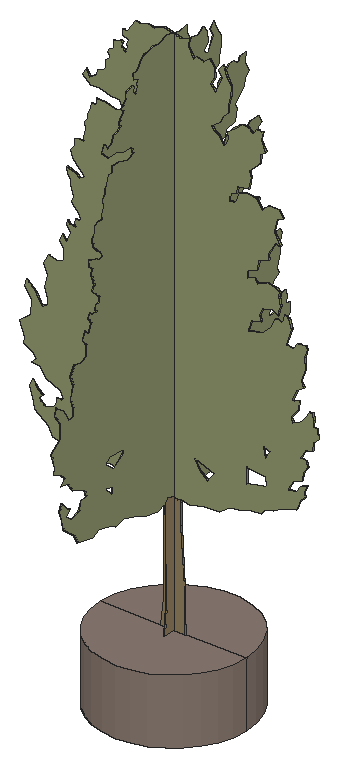
Revit family "L-PL낙엽교목_메타세쿼이아", category 수목, Revit 2019
Family settings
  OmniClass 번호 = 23.40.05.00
  OmniClass 제목 = Plants and Planting Products
  작업 기준면 기반 = 아니오
  항상 수직 = 예
  로드될 때 보이드를 사용하여 절단 = 아니오
  렌더 모양 소스 = 패밀리 형상
  공유 = 아니오
Parameters (values of type "메타세쿼이아")
  한국산업규격KS = ""
  콘 높이 = 뿌리분 직경 / 4  # 272.5 mm
  조달청표준공사코드-세부공종 = "10161599202809"
  뿌리분 직경 = (24 mm + ((R / 10) - 3 mm) * 5) * 10  # 1090 mm
  뿌리분 높이 = 뿌리분 직경 / 2  # 545 mm
  높이 = 5000 mm
  건설정보분류체계-부위분류 = "E985"
  R = 200 mm
  LIM_INFO_주의사항 = "재배포, 재가공, 판매 금지"
  LIM_INFO_제작일 = "20211210"
  LIM_INFO_버전 = "2022_V01"
  LIM_INFO_PL_학명 = "Quercus myrsinaefolia Bl."
  LIM_INFO_PL_품명 = "가시나무"
  LIM_INFO_PL_주당인정수량 = 0
  LIM_INFO_PL_수목단위 = "주"
  LIM_INFO_PL_규격 = "5.0H X 18R"
  LIM_INFO_PL_구분 = "상록교목"
  LIM_INFO_PL_가격 = 0
  LIM_INFO_PL_Qty [instance] = 0
  LIM_INFO_PL_M2당수량 = 0
  KBIMS_식별-버전 = ""
  KBIMS_식별-bSK등록번호 = ""
  KBIMS_보급정보-저작자 = "림인포테크_MMJ"
  KBIMS_보급정보-보급코드 = ""
  H = 높이  # 5000 mm
Reference planes
  plane 1 "중심(앞/뒤)": y = 0
  plane 2: z = 0
  plane 3 "중심(왼쪽/오른쪽)": x = 0
  plane 4: x = 482.5
  plane 5: x = -607.5
  plane 6: z = -545
  plane 7: z = -817.5
  plane 8: z = 5000
  plane 9: x = -100
  plane 10: x = 100
Forms (mm)
  Revolve 1, solid, material "흙"
    sketch origin (0, 0, 0) x (1, 0, 0) y (0, 0, 1)
      loop
        line (0, 0) -> (-607.5, 0) -> (-607.5, -545) -> (0, -545) -> (0, 0)
      axis (0, 0) -> (0, -545)
    angle from 0 to 360
  Revolve 2, solid, material "흙"
    sketch origin (0, 0, 0) x (1, 0, 0) y (0, 0, 1)
      loop
        line (0, -545) -> (-607.5, -545) -> (0, -817.5) -> (0, -545)
      axis (0, -545) -> (0, -817.5)
    angle from 0 to 360
Dimensions and locks
  "뿌리분 직경": plane 4 to plane 5
  "뿌리분 높이": plane 6 to level
  "콘 높이": plane 7 to plane 6
  "H": level to plane 8
  "R": plane 9 to plane 10
  aligned and locked: level to plane 2
Automatic sketch dimensions
  Revolve 1 sketch curve to level = 0 mm  (x2)
  Revolve 1 sketch curve to plane 5 = 0 mm
  Revolve 1 sketch curve to plane 3 "중심(왼쪽/오른쪽)" = 0 mm  (x2)
  Revolve 1 sketch curve to plane 6 = 0 mm  (x2)
  Revolve 2 sketch curve to plane 5 = 0 mm
  Revolve 2 sketch curve to plane 3 "중심(왼쪽/오른쪽)" = 0 mm  (x2)
  Revolve 2 sketch curve to plane 7 = 0 mm  (x2)
  Revolve 2 sketch curve to plane 6 = 0 mm  (x2)
Nested families
  nested 1: "메타세쿼이아_base" at (0, 0, 0), type "메타세쿼이아_base"
Definition of nested family "메타세쿼이아_base"
  Parameters (values of type "메타세쿼이아_base")
    Height = 6000 mm
  Reference planes
    plane 1 "중심(앞/뒤)": y = 0
    plane 2: z = 0
    plane 3 "중심(왼쪽/오른쪽)": x = 0
  Forms (mm)
    Extrusion 1, solid, detail levels fine
      sketch origin (0, 0, 0) x (1, 0, 0) y (0, 0, 1)
        loop
          line (-782.098, 1091.004) -> (-652.075, 1062.438) -> (-605.482, 1036.586) -> (-520.357, 1060.76) -> (-370.422, 1019.18) -> (-285.297, 977.6) -> (-167.314, 953.171) -> (-108.007, 980.266) -> (-88.251, 966.801) -> (-73.883, 1021.559) -> (41.255, 988.341) -> (69.991, 999.113) -> (141.831, 983.852) -> (260.767, 1010.715) -> (386.98, 1018.825) -> (472.624, 1074.699) -> (546.727, 1086.99) -> (621.748, 1117.71) -> (737.444, 1124.939) -> (768.176, 1167.406) -> (842.294, 1183.669) -> (917.316, 1226.136) -> (1032.108, 1263.182) -> (1061.936, 1333.658) -> (1101.707, 1376.125) -> (1095.38, 1407.749) -> (1119.784, 1470.094) -> (1065.552, 1442.084) -> (1032.108, 1392.389) -> (963.414, 1386.968) -> (1003.184, 1460.155) -> (1076.398, 1494.49) -> (1088.149, 1550.51) -> (1124.414, 1605.068) -> (1111.743, 1650.305) -> (1066.49, 1659.352) -> (1112.648, 1730.826) -> (1166.047, 1748.92) -> (1170.572, 1809.537) -> (1209.489, 1843.012) -> (1204.059, 1919.914) -> (1168.762, 1928.056) -> (1175.097, 1976.911) -> (1165.142, 2026.671) -> (1136.18, 2023.957) -> (1098.167, 1964.245) -> (1055.63, 1916.295) -> (997.706, 1900.01) -> (985.035, 1932.58) -> (1046.579, 2006.767) -> (1051.422, 2079.389) -> (1000.624, 2067.782) -> (1032.554, 2147.579) -> (1090.609, 2191.104) -> (1068.839, 2234.629) -> (1105.123, 2328.935) -> (1097.866, 2420.338) -> (1119.637, 2485.626) -> (1106.574, 2508.84) -> (1038.36, 2503.036) -> (1006.429, 2450.806) -> (944.02, 2459.511) -> (991.923, 2592.212) -> (967.25, 2666.205) -> (929.514, 2676.361) -> (910.646, 2605.27) -> (871.459, 2629.934) -> (849.688, 2618.327) -> (823.564, 2550.138) -> (749.543, 2479.046) -> (626.176, 2455.832) -> (658.107, 2542.883) -> (736.481, 2561.744) -> (721.967, 2603.819) -> (748.092, 2660.402) -> (827.918, 2683.615) -> (880.167, 2651.697) -> (881.619, 2690.87) -> (897.584, 2728.592) -> (881.619, 2802.585) -> (891.778, 2838.856) -> (864.202, 2853.365) -> (784.958, 2866.839) -> (707.834, 2830.473) -> (678.731, 2866.839) -> (617.614, 2849.383) -> (617.614, 2897.386) -> (703.468, 2936.662) -> (713.655, 3006.484) -> (798.054, 3042.85) -> (796.599, 3083.58) -> (854.806, 3182.496) -> (897.006, 3179.586) -> (846.075, 3272.683) -> (870.675, 3374.438) -> (918.758, 3394.829) -> (888.16, 3448.721) -> (800.735, 3450.178) -> (745.367, 3402.112) -> (700.198, 3464.743) -> (624.43, 3473.482) -> (553.034, 3457.46) -> (518.064, 3374.438) -> (469.981, 3371.525) -> (475.81, 3431.243) -> (532.635, 3453.091) -> (541.378, 3498.243) -> (633.173, 3514.265) -> (654.555, 3609.859) -> (635.324, 3651.968) -> (725.983, 3736.186) -> (732.394, 3803.927) -> (775.434, 3838.713) -> (737.888, 3921.1) -> (752.54, 3984.264) -> (695.764, 3979.687) -> (671.039, 3938.493) -> (625.251, 3976.025) -> (576.717, 3974.194) -> (524.519, 3926.593) -> (457.67, 3881.737) -> (461.333, 3822.235) -> (426.534, 3759.072) -> (388.073, 3828.643) -> (345.033, 3852.444) -> (323.055, 3880.822) -> (394.389, 3932.496) -> (419.115, 3985.59) -> (462.155, 4024.038) -> (461.239, 4074.385) -> (482.301, 4154.026) -> (486.88, 4229.09) -> (450.25, 4294.085) -> (418.199, 4368.233) -> (381.569, 4318.801) -> (412.704, 4259.299) -> (356.844, 4145.788) -> (314.719, 4186.981) -> (350.434, 4242.821) -> (343.108, 4324.293) -> (308.309, 4370.064) -> (258.859, 4333.447) -> (193.841, 4346.263) -> (172.779, 4328.87) -> (128.823, 4405.765) -> (135.233, 4459.775) -> (68.384, 4441.466) -> (-66.244, 4475.103) -> (-150.47, 4445.98) -> (-212.343, 4452.078) -> (-269.859, 4432.913) -> (-309.074, 4437.269) -> (-346.547, 4390.228) -> (-378.79, 4339.702) -> (-420.62, 4339.702) -> (-417.134, 4295.274) -> (-369.205, 4277.851) -> (-383.896, 4241.377) -> (-375.681, 4220.025) -> (-394.85, 4181.153) -> (-431.546, 4206.885) -> (-420.044, 4240.83) -> (-434.832, 4253.97) -> (-460.026, 4238.64) -> (-492.34, 4232.07) -> (-498.912, 4198.125) -> (-491.244, 4172.393) -> (-527.392, 4155.42) -> (-544.371, 4126.403) -> (-525.749, 4106.146) -> (-527.94, 4084.793) -> (-558.611, 4062.894) -> (-564.636, 4025.116) -> (-558.611, 4000.479) -> (-585.996, 3973.652) -> (-627.073, 3963.797) -> (-639.122, 3921.092) -> (-693.954, 3890.844) -> (-721.45, 3940.687) -> (-750.532, 3887.702) -> (-684.524, 3828.002) -> (-609.087, 3832.716) -> (-519.506, 3802.866) -> (-444.069, 3802.866) -> (-418.923, 3738.454) -> (-474.405, 3716.794) -> (-568.225, 3743.167) -> (-640.519, 3743.167) -> (-640.519, 3696.036) -> (-678.238, 3696.036) -> (-697.49, 3632.937) -> (-711.506, 3604.039) -> (-710.63, 3565.509) -> (-741.291, 3535.735) -> (-728.151, 3477.064) -> (-749.175, 3421.895) -> (-744.795, 3393.873) -> (-786.843, 3392.122) -> (-821.884, 3375.483) -> (-823.636, 3324.693) -> (-849.883, 3287.92) -> (-835.812, 3230.777) -> (-798.875, 3182.425) -> (-762.818, 3154.293) -> (-739.952, 3114.732) -> (-776.009, 3105.062) -> (-808.549, 3127.919) -> (-885.94, 3149.897) -> (-877.146, 3098.029) -> (-849.883, 3067.259) -> (-857.798, 3026.819) -> (-830.568, 2940.411) -> (-846.062, 2899.581) -> (-775.638, 2830.591) -> (-774.23, 2786.944) -> (-810.85, 2786.944) -> (-816.484, 2755.969) -> (-808.033, 2727.81) -> (-861.665, 2731.219) -> (-876.017, 2751.635) -> (-889.265, 2713.009) -> (-856.145, 2667.762) -> (-888.161, 2594.924) -> (-920.729, 2634.102) -> (-945.569, 2578.37) -> (-913.001, 2529.26) -> (-909.384, 2436.808) -> (-962.705, 2415.488) -> (-1039.131, 2436.808) -> (-1080.898, 2363.963) -> (-1046.24, 2283.123) -> (-1074.545, 2187.628) -> (-1045.219, 2109.453) -> (-1046.108, 2051.71) -> (-1096.762, 2042.826) -> (-1134.975, 2110.341) -> (-1162.524, 2146.763) -> (-1222.065, 2191.181) -> (-1240.728, 2134.326) -> (-1180.298, 2059.705) -> (-1183.852, 1939.777) -> (-1278.941, 1867.821) -> (-1238.95, 1750.559) -> (-1247.966, 1708.387) -> (-1173.667, 1668.394) -> (-1136.518, 1624.117) -> (-1177.954, 1586.981) -> (-1110.799, 1579.839) -> (-1055.074, 1505.567) -> (-935.053, 1458.433) -> (-912.192, 1397.016) -> (-969.345, 1392.731) -> (-973.631, 1355.595) -> (-993.635, 1315.602) -> (-1065.076, 1289.893) -> (-1123.658, 1341.312) -> (-1083.651, 1377.019) -> (-1122.229, 1401.301) -> (-1173.667, 1459.861) -> (-1192.242, 1402.729) -> (-1166.523, 1329.885) -> (-1150.806, 1248.472) -> (-1037.929, 1159.916) -> (-1003.637, 1089.929) -> (-842.109, 1056.725) -> (-782.098, 1091.004)
        loop
          line (614.347, 1431.94) -> (614.347, 1305.555) -> (783.35, 1341.665) -> (769.268, 1413.885) -> (614.347, 1431.94)
        loop
          line (811.512, 1612.461) -> (755.187, 1630.516) -> (769.268, 1558.325) -> (811.512, 1612.461)
        loop
          line (347.119, 1291.59) -> (178.116, 1345.755) -> (220.388, 1273.535) -> (290.794, 1219.37) -> (347.119, 1291.59)
        loop
          line (-525.866, 1550.772) -> (-525.866, 1586.853) -> (-666.706, 1586.853) -> (-723.031, 1550.772) -> (-624.463, 1478.523) -> (-525.866, 1550.772)
        loop
          line (-723.031, 1370.222) -> (-638.544, 1279.947) -> (-638.544, 1352.167) -> (-723.031, 1370.222)
      from 0 to 5
    Extrusion 2, solid, detail levels fine
      sketch origin (0, 0, 0) x (1, 0, 0) y (0, 0, 1)
        loop
          line (-85.564, 971.925) -> (-82.23, 827.068) -> (-78.041, 212.495) -> (-100, 0) -> (100, 0) -> (93.446, 148.36) -> (93.446, 340.606) -> (64.125, 806.426) -> (64.125, 971.947) -> (63.963, 995.067) -> (41.812, 986.371) -> (-72.913, 1019.797) -> (-85.564, 971.925)
      from 0 to 5
    Extrusion 3, solid, detail levels fine
      sketch origin (0, -2.774, 0) x (0, 1, 0) y (0, 0, 1)
        loop
          line (-782.098, 1091.004) -> (-652.075, 1062.438) -> (-605.482, 1036.586) -> (-520.357, 1060.76) -> (-370.422, 1019.18) -> (-285.297, 977.6) -> (-167.314, 953.171) -> (-108.007, 980.266) -> (-88.251, 966.801) -> (-73.883, 1021.559) -> (41.255, 988.341) -> (69.991, 999.113) -> (141.831, 983.852) -> (260.767, 1010.715) -> (386.98, 1018.825) -> (472.624, 1074.699) -> (546.727, 1086.99) -> (621.748, 1117.71) -> (737.444, 1124.939) -> (768.176, 1167.406) -> (842.294, 1183.669) -> (917.316, 1226.136) -> (1032.108, 1263.182) -> (1061.936, 1333.658) -> (1101.707, 1376.125) -> (1095.38, 1407.749) -> (1119.784, 1470.094) -> (1065.552, 1442.084) -> (1032.108, 1392.389) -> (963.414, 1386.968) -> (1003.184, 1460.155) -> (1076.398, 1494.49) -> (1088.149, 1550.51) -> (1124.414, 1605.068) -> (1111.743, 1650.305) -> (1066.49, 1659.352) -> (1112.648, 1730.826) -> (1166.047, 1748.92) -> (1170.572, 1809.537) -> (1209.489, 1843.012) -> (1204.059, 1919.914) -> (1168.762, 1928.056) -> (1175.097, 1976.911) -> (1165.142, 2026.671) -> (1136.18, 2023.957) -> (1098.167, 1964.245) -> (1055.63, 1916.295) -> (997.706, 1900.01) -> (985.035, 1932.58) -> (1046.579, 2006.767) -> (1051.422, 2079.389) -> (1000.624, 2067.782) -> (1032.554, 2147.579) -> (1090.609, 2191.104) -> (1068.839, 2234.629) -> (1105.123, 2328.935) -> (1097.866, 2420.338) -> (1119.637, 2485.626) -> (1106.574, 2508.84) -> (1038.36, 2503.036) -> (1006.429, 2450.806) -> (944.02, 2459.511) -> (991.923, 2592.212) -> (967.25, 2666.205) -> (929.514, 2676.361) -> (910.646, 2605.27) -> (871.459, 2629.934) -> (849.688, 2618.327) -> (823.564, 2550.138) -> (749.543, 2479.046) -> (626.176, 2455.832) -> (658.107, 2542.883) -> (736.481, 2561.744) -> (721.967, 2603.819) -> (748.092, 2660.402) -> (827.918, 2683.615) -> (880.167, 2651.697) -> (881.619, 2690.87) -> (897.584, 2728.592) -> (881.619, 2802.585) -> (891.778, 2838.856) -> (864.202, 2853.365) -> (784.958, 2866.839) -> (707.834, 2830.473) -> (678.731, 2866.839) -> (617.614, 2849.383) -> (617.614, 2897.386) -> (703.468, 2936.662) -> (713.655, 3006.484) -> (798.054, 3042.85) -> (796.599, 3083.58) -> (854.806, 3182.496) -> (897.006, 3179.586) -> (846.075, 3272.683) -> (870.675, 3374.438) -> (918.758, 3394.829) -> (888.16, 3448.721) -> (800.735, 3450.178) -> (745.367, 3402.112) -> (700.198, 3464.743) -> (624.43, 3473.482) -> (553.034, 3457.46) -> (518.064, 3374.438) -> (469.981, 3371.525) -> (475.81, 3431.243) -> (532.635, 3453.091) -> (541.378, 3498.243) -> (633.173, 3514.265) -> (654.555, 3609.859) -> (635.324, 3651.968) -> (725.983, 3736.186) -> (732.394, 3803.927) -> (775.434, 3838.713) -> (737.888, 3921.1) -> (752.54, 3984.264) -> (695.764, 3979.687) -> (671.039, 3938.493) -> (625.251, 3976.025) -> (576.717, 3974.194) -> (524.519, 3926.593) -> (457.67, 3881.737) -> (461.333, 3822.235) -> (426.534, 3759.072) -> (388.073, 3828.643) -> (345.033, 3852.444) -> (323.055, 3880.822) -> (394.389, 3932.496) -> (419.115, 3985.59) -> (462.155, 4024.038) -> (461.239, 4074.385) -> (482.301, 4154.026) -> (486.88, 4229.09) -> (450.25, 4294.085) -> (418.199, 4368.233) -> (381.569, 4318.801) -> (412.704, 4259.299) -> (356.844, 4145.788) -> (314.719, 4186.981) -> (350.434, 4242.821) -> (343.108, 4324.293) -> (308.309, 4370.064) -> (258.859, 4333.447) -> (193.841, 4346.263) -> (172.779, 4328.87) -> (128.823, 4405.765) -> (135.233, 4459.775) -> (68.384, 4441.466) -> (-66.244, 4475.103) -> (-150.47, 4445.98) -> (-212.343, 4452.078) -> (-269.859, 4432.913) -> (-309.074, 4437.269) -> (-346.547, 4390.228) -> (-378.79, 4339.702) -> (-420.62, 4339.702) -> (-417.134, 4295.274) -> (-369.205, 4277.851) -> (-383.896, 4241.377) -> (-375.681, 4220.025) -> (-394.85, 4181.153) -> (-431.546, 4206.885) -> (-420.044, 4240.83) -> (-434.832, 4253.97) -> (-460.026, 4238.64) -> (-492.34, 4232.07) -> (-498.912, 4198.125) -> (-491.244, 4172.393) -> (-527.392, 4155.42) -> (-544.371, 4126.403) -> (-525.749, 4106.146) -> (-527.94, 4084.793) -> (-558.611, 4062.894) -> (-564.636, 4025.116) -> (-558.611, 4000.479) -> (-585.996, 3973.652) -> (-627.073, 3963.797) -> (-639.122, 3921.092) -> (-693.954, 3890.844) -> (-721.45, 3940.687) -> (-750.532, 3887.702) -> (-684.524, 3828.002) -> (-609.087, 3832.716) -> (-519.506, 3802.866) -> (-444.069, 3802.866) -> (-418.923, 3738.454) -> (-474.405, 3716.794) -> (-568.225, 3743.167) -> (-640.519, 3743.167) -> (-640.519, 3696.036) -> (-678.238, 3696.036) -> (-697.49, 3632.937) -> (-711.506, 3604.039) -> (-710.63, 3565.509) -> (-741.291, 3535.735) -> (-728.151, 3477.064) -> (-749.175, 3421.895) -> (-744.795, 3393.873) -> (-786.843, 3392.122) -> (-821.884, 3375.483) -> (-823.636, 3324.693) -> (-849.883, 3287.92) -> (-835.812, 3230.777) -> (-798.875, 3182.425) -> (-762.818, 3154.293) -> (-739.952, 3114.732) -> (-776.009, 3105.062) -> (-808.549, 3127.919) -> (-885.94, 3149.897) -> (-877.146, 3098.029) -> (-849.883, 3067.259) -> (-857.798, 3026.819) -> (-830.568, 2940.411) -> (-846.062, 2899.581) -> (-775.638, 2830.591) -> (-774.23, 2786.944) -> (-810.85, 2786.944) -> (-816.484, 2755.969) -> (-808.033, 2727.81) -> (-861.665, 2731.219) -> (-876.017, 2751.635) -> (-889.265, 2713.009) -> (-856.145, 2667.762) -> (-888.161, 2594.924) -> (-920.729, 2634.102) -> (-945.569, 2578.37) -> (-913.001, 2529.26) -> (-909.384, 2436.808) -> (-962.705, 2415.488) -> (-1039.131, 2436.808) -> (-1080.898, 2363.963) -> (-1046.24, 2283.123) -> (-1074.545, 2187.628) -> (-1045.219, 2109.453) -> (-1046.108, 2051.71) -> (-1096.762, 2042.826) -> (-1134.975, 2110.341) -> (-1162.524, 2146.763) -> (-1222.065, 2191.181) -> (-1240.728, 2134.326) -> (-1180.298, 2059.705) -> (-1183.852, 1939.777) -> (-1278.941, 1867.821) -> (-1238.95, 1750.559) -> (-1247.966, 1708.387) -> (-1173.667, 1668.394) -> (-1136.518, 1624.117) -> (-1177.954, 1586.981) -> (-1110.799, 1579.839) -> (-1055.074, 1505.567) -> (-935.053, 1458.433) -> (-912.192, 1397.016) -> (-969.345, 1392.731) -> (-973.631, 1355.595) -> (-993.635, 1315.602) -> (-1065.076, 1289.893) -> (-1123.658, 1341.312) -> (-1083.651, 1377.019) -> (-1122.229, 1401.301) -> (-1173.667, 1459.861) -> (-1192.242, 1402.729) -> (-1166.523, 1329.885) -> (-1150.806, 1248.472) -> (-1037.929, 1159.916) -> (-1003.637, 1089.929) -> (-842.109, 1056.725) -> (-782.098, 1091.004)
        loop
          line (614.347, 1431.94) -> (614.347, 1305.555) -> (783.35, 1341.665) -> (769.268, 1413.885) -> (614.347, 1431.94)
        loop
          line (811.512, 1612.461) -> (755.187, 1630.516) -> (769.268, 1558.325) -> (811.512, 1612.461)
        loop
          line (347.119, 1291.59) -> (178.116, 1345.755) -> (220.388, 1273.535) -> (290.794, 1219.37) -> (347.119, 1291.59)
        loop
          line (-525.866, 1550.772) -> (-525.866, 1586.853) -> (-666.706, 1586.853) -> (-723.031, 1550.772) -> (-624.463, 1478.523) -> (-525.866, 1550.772)
        loop
          line (-723.031, 1370.222) -> (-638.544, 1279.947) -> (-638.544, 1352.167) -> (-723.031, 1370.222)
      from 0 to 5
    Extrusion 4, solid, detail levels fine
      sketch origin (0, -2.774, 0) x (0, 1, 0) y (0, 0, 1)
        loop
          line (-85.564, 971.925) -> (-82.23, 827.068) -> (-78.041, 212.495) -> (-100, 0) -> (100, 0) -> (93.446, 148.36) -> (93.446, 340.606) -> (64.125, 806.426) -> (64.125, 971.947) -> (63.963, 995.067) -> (41.812, 986.371) -> (-72.913, 1019.797) -> (-85.564, 971.925)
      from 0 to 5
    Revolve 5, solid, detail levels coarse
      sketch origin (0, 0, 0) x (1, 0, 0) y (0, 0, 1)
        loop
          line (0, 0) -> (0, 4500) -> (-427.141, 4240.095) -> (-1377.8, 1479.181) -> (-1137.8, 1063.489) -> (-100, 1063.489) -> (-100, 0) -> (0, 0)
        axis (0, 4500) -> (0, 0)
      angle from 0 to 360
  Lines and regions (mm)
    symbolic lines
      curve 1: line (-857.959, -1052.676, 0) -> (-690.172, -822.473, 0)
      curve 2: line (-690.172, -822.473, 0) -> (-613.47, -649.821, 0)
      curve 3: line (-613.47, -649.821, 0) -> (-345.01, -448.394, 0)
      curve 4: line (-345.01, -448.394, 0) -> (-220.368, -189.416, 0)
      curve 5: line (-220.368, -189.416, 0) -> (3.477, 0, 0)
      curve 6: line (3.477, 0, 0) -> (-33.327, -439.239, 0)
      curve 7: line (-33.327, -439.239, 0) -> (-43.788, -737.519, 0)
      curve 8: line (-43.788, -737.519, 0) -> (-59.481, -1014.867, 0)
      curve 9: line (-59.481, -1014.867, 0) -> (-28.096, -1355.011, 0)
      curve 10: line (-893.949, -882.779, 0) -> (-767.781, -807.375, 0)
      curve 11: line (-767.781, -807.375, 0) -> (-687.492, -712.3, 0)
      curve 12: line (-687.492, -712.3, 0) -> (-613.47, -649.821, 0)
      curve 13: line (-613.47, -649.821, 0) -> (-612.119, -790.983, 0)
      curve 14: line (-612.119, -790.983, 0) -> (-664.553, -910.646, 0)
      curve 15: line (-664.553, -910.646, 0) -> (-689.131, -1092.599, 0)
      curve 16: line (-1283.496, -297.949, 0) -> (-875.491, -193.289, 0)
      curve 17: line (-875.491, -193.289, 0) -> (-739.489, -99.095, 0)
      curve 18: line (-739.489, -99.095, 0) -> (-472.717, -125.26, 0)
      curve 19: line (-472.717, -125.26, 0) -> (3.477, 0, 0)
      curve 20: line (3.477, 0, 0) -> (232.991, -308.432, 0)
      curve 21: line (232.991, -308.432, 0) -> (353.142, -640.988, 0)
      curve 22: line (353.142, -640.988, 0) -> (541.379, -897.416, 0)
      curve 23: line (541.379, -897.416, 0) -> (733.621, -1113.778, 0)
      curve 24: line (472.015, -741.657, 0) -> (458.721, -852.486, 0)
      curve 25: line (458.721, -852.486, 0) -> (509.682, -981.049, 0)
      curve 26: line (509.682, -981.049, 0) -> (540.701, -1142.86, 0)
      curve 27: line (541.379, -897.416, 0) -> (653.701, -932.284, 0)
      curve 28: line (653.701, -932.284, 0) -> (797.72, -987.699, 0)
      curve 29: line (-960.14, -215.003, 0) -> (-1005.147, -257.867, 0)
      curve 30: line (-1005.147, -257.867, 0) -> (-1105.811, -345.8, 0)
      curve 31: line (-1105.811, -345.8, 0) -> (-1183.904, -458.647, 0)
      curve 32: line (-875.491, -193.289, 0) -> (-1086.288, -180.869, 0)
      curve 33: line (-1086.288, -180.869, 0) -> (-1283.69, -202.571, 0)
      curve 34: line (1095.6, -613.708, 0) -> (985.645, -510.179, 0)
      curve 35: line (985.645, -510.179, 0) -> (869.222, -418.296, 0)
      curve 36: line (869.222, -418.296, 0) -> (793.145, -324.114, 0)
      curve 37: line (793.145, -324.114, 0) -> (884.726, -321.889, 0)
      curve 38: line (884.726, -321.889, 0) -> (993.33, -360.693, 0)
      curve 39: line (993.33, -360.693, 0) -> (1114.346, -340.515, 0)
      curve 40: line (1114.346, -340.515, 0) -> (1210.539, -320.337, 0)
      curve 41: line (-1252.111, 497.465, 0) -> (-875.491, 350.941, 0)
      curve 42: line (-875.491, 350.941, 0) -> (-718.566, 335.242, 0)
      curve 43: line (-718.566, 335.242, 0) -> (-430.87, 220.117, 0)
      curve 44: line (-430.87, 220.117, 0) -> (-321.022, 89.292, 0)
      curve 45: line (-321.022, 89.292, 0) -> (3.477, 0, 0)
      curve 46: line (3.477, 0, 0) -> (254.369, -78.163, 0)
      curve 47: line (254.369, -78.163, 0) -> (447.91, -261.318, 0)
      curve 48: line (447.91, -261.318, 0) -> (793.145, -324.114, 0)
      curve 49: line (793.145, -324.114, 0) -> (997.147, -418.307, 0)
      curve 50: line (997.147, -418.307, 0) -> (1253.458, -465.404, 0)
      curve 51: line (934.966, 189.459, 0) -> (1066.969, 181.855, 0)
      curve 52: line (1066.969, 181.855, 0) -> (1241.438, 160.91, 0)
      curve 53: line (-718.566, 335.242, 0) -> (-894.277, 433.492, 0)
      curve 54: line (-894.277, 433.492, 0) -> (-1051.537, 497.587, 0)
      curve 55: line (-1051.537, 497.587, 0) -> (-1150.553, 558.769, 0)
      curve 56: line (-875.491, 350.941, 0) -> (-1074.835, 378.137, 0)
      curve 57: line (-1074.835, 378.137, 0) -> (-1267.042, 401.444, 0)
      curve 58: line (997.214, 225.314, 0) -> (1019.058, 280.588, 0)
      curve 59: line (1019.058, 280.588, 0) -> (1091.395, 352.904, 0)
      curve 60: line (1091.395, 352.904, 0) -> (1201.31, 415.739, 0)
      curve 61: line (595.974, 796.138, 0) -> (611.534, 863.318, 0)
      curve 62: line (611.534, 863.318, 0) -> (671.609, 949.712, 0)
      curve 63: line (671.609, 949.712, 0) -> (720.421, 1092.45, 0)
      curve 64: line (633.044, 816.998, 0) -> (726.053, 825.755, 0)
      curve 65: line (726.053, 825.755, 0) -> (819.921, 835.146, 0)
      curve 66: line (819.921, 835.146, 0) -> (934.44, 880.221, 0)
      curve 67: line (71.29, 910.87, 0) -> (100.78, 1048.158, 0)
      curve 68: line (100.78, 1048.158, 0) -> (138.552, 1168.79, 0)
      curve 69: line (138.552, 1168.79, 0) -> (189.4, 1247.273, 0)
      curve 70: line (55.597, 1151.588, 0) -> (15.148, 1213.479, 0)
      curve 71: line (15.148, 1213.479, 0) -> (-3.13, 1336.737, 0)
      curve 72: line (-546.922, 818.761, 0) -> (-563.906, 879.812, 0)
      curve 73: line (-563.906, 879.812, 0) -> (-626.179, 1009.713, 0)
      curve 74: line (-626.179, 1009.713, 0) -> (-659.733, 1129.064, 0)
      curve 75: line (-570.324, 836.904, 0) -> (-642.956, 860.524, 0)
      curve 76: line (-642.956, 860.524, 0) -> (-782.763, 1004.118, 0)
      curve 77: line (836.282, 955.769, 0) -> (702.94, 856.331, 0)
      curve 78: line (702.94, 856.331, 0) -> (476.328, 728.809, 0)
      curve 79: line (476.328, 728.809, 0) -> (400.79, 511.549, 0)
      curve 80: line (400.79, 511.549, 0) -> (235.552, 303.735, 0)
      curve 81: line (235.552, 303.735, 0) -> (3.477, 0, 0)
      curve 82: line (3.477, 0, 0) -> (431.604, 151.092, 0)
      curve 83: line (431.604, 151.092, 0) -> (676.094, 151.092, 0)
      curve 84: line (676.094, 151.092, 0) -> (934.966, 189.459, 0)
      curve 85: line (934.966, 189.459, 0) -> (1093.165, 280.581, 0)
      curve 86: line (1093.165, 280.581, 0) -> (1257.815, 300.182, 0)
      curve 87: line (-742.905, 1081.495, 0) -> (-570.324, 836.904, 0)
      curve 88: line (-570.324, 836.904, 0) -> (-378.568, 688.232, 0)
      curve 89: line (-378.568, 688.232, 0) -> (-282.689, 448.437, 0)
      curve 90: line (-282.689, 448.437, 0) -> (-110.108, 251.806, 0)
      curve 91: line (-110.108, 251.806, 0) -> (3.477, 0, 0)
      curve 92: line (3.477, 0, 0) -> (60.828, 314.31, 0)
      curve 93: line (60.828, 314.31, 0) -> (24.212, 581.193, 0)
      curve 94: line (24.212, 581.193, 0) -> (71.29, 910.87, 0)
      curve 95: line (71.29, 910.87, 0) -> (55.597, 1151.588, 0)
      curve 96: line (55.597, 1151.588, 0) -> (74.084, 1281.636, 0)
      curve 97: line (-255.849, -1215.948, 0) -> (-163.082, -1113.374, 0)
      curve 98: line (-163.082, -1113.374, 0) -> (-59.481, -1014.867, 0)
      curve 99: line (-59.481, -1014.867, 0) -> (-109.375, -1325.848, 0)
      curve 100: arc (-890.862, -742.085, 0) -> (-790.85, -970.467, 0) -> (-547.206, -1023.367, 0) r 274.116
      curve 101: arc (432.876, -1079.884, 0) -> (680.985, -1055.34, 0) -> (806.587, -839.969, 0) r 274.116
      curve 102: arc (-890.862, -742.085, 0) -> (-928.453, -598.281, 0) -> (-1043.555, -504.238, 0) r 239.851
      curve 103: arc (-1156.245, -74.68, 0) -> (-1102.131, 63.755, 0) -> (-1139.974, 207.493, 0) r 239.851
      curve 104: arc (-1156.245, -74.68, 0) -> (-1209.573, -318.231, 0) -> (-1043.555, -504.238, 0) r 274.116
      curve 105: arc (985.608, -621.25, 0) -> (860.458, -701.439, 0) -> (806.587, -839.969, 0) r 239.851
      curve 106: arc (985.608, -621.25, 0) -> (1171.906, -455.559, 0) -> (1146.927, -207.493, 0) r 274.116
      curve 107: arc (1163.199, 74.68, 0) -> (1109.085, -63.755, 0) -> (1146.927, -207.493, 0) r 239.851
      curve 108: arc (-425.922, 1079.884, 0) -> (-674.032, 1055.34, 0) -> (-799.633, 839.969, 0) r 274.116
      curve 109: arc (-425.922, 1079.884, 0) -> (-277.54, 1071.197, 0) -> (-152.531, 1151.605, 0) r 239.851
      curve 110: arc (-978.654, 621.25, 0) -> (-853.504, 701.439, 0) -> (-799.633, 839.969, 0) r 239.851
      curve 111: arc (897.816, 742.085, 0) -> (935.407, 598.281, 0) -> (1050.509, 504.238, 0) r 239.851
      curve 112: arc (897.816, 742.085, 0) -> (797.803, 970.467, 0) -> (554.16, 1023.367, 0) r 274.116
      curve 113: arc (290.825, 1126.039, 0) -> (405.763, 1031.794, 0) -> (554.16, 1023.367, 0) r 239.851
      curve 114: arc (290.825, 1126.039, 0) -> (75.674, 1252.018, 0) -> (-152.531, 1151.605, 0) r 274.116
      curve 115: arc (1163.199, 74.68, 0) -> (1216.527, 318.231, 0) -> (1050.509, 504.238, 0) r 274.116
      curve 116: arc (-978.654, 621.25, 0) -> (-1164.952, 455.559, 0) -> (-1139.974, 207.493, 0) r 274.116
      curve 117: arc (-283.872, -1126.039, 0) -> (-398.809, -1031.794, 0) -> (-547.206, -1023.367, 0) r 239.851
      curve 118: arc (-283.872, -1126.039, 0) -> (-68.721, -1252.018, 0) -> (159.485, -1151.605, 0) r 274.116
      curve 119: arc (432.876, -1079.884, 0) -> (284.494, -1071.197, 0) -> (159.485, -1151.605, 0) r 239.851
  Dimensions and locks
    aligned and locked: level to plane 2
